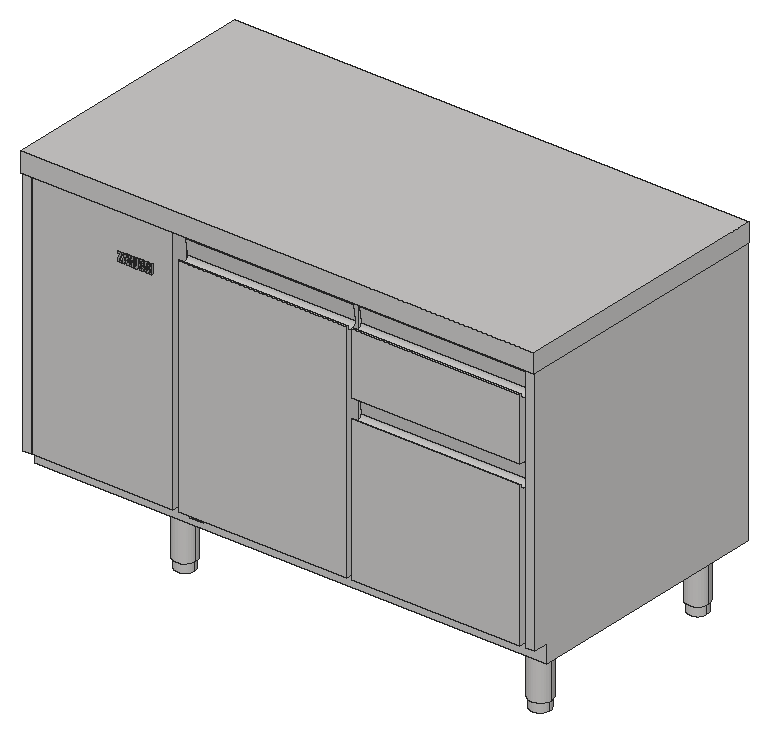
Revit family "QF_ZANUSSI_111029_ZH2HBAD", category Specialty Equipment, Revit 2018
Family settings
  Round Connector Dimension = Use Diameter
  Part Type = Normal
  Work Plane-Based = No
  Always vertical = Yes
  Cut with Voids When Loaded = No
  Shared = No
  Room Calculation Point = No
Parameters
  Weight = 0.00 kg
  Watts = 0.0232258 W
  Volts = 220 V
  URL Manufacturer = "http://www.zanussiprofessional.com/"
  URL = "http://www.zanussiprofessional.com/"
  Steam Supply Size = 0 mm
  Steam Supply Minimum Pressure = 0.0 Pa
  Steam Supply Maximum Pressure = 0.0 Pa
  Steam Pounds per Hour = 0
  Show Logo [instance] = yes
  Show Clearance [instance] = yes
  Refrigeration Suction Line Size = 0 mm
  Refrigeration Liquid Line Size = 0 mm
  Refrigerant Compressor Remote = yes
  Manufacturer = "Zanussi"
  Phase = 1
  Model = "ZH2HBAD"
  Length Actual = 1345 mm  # constant formula
  Item Number = "111029"
  Hot Water Size = 0 mm
  Height Actual = 900 mm  # constant formula
  HP = "0.3 HP"
  Gas Size = 0 mm
  Gas KW = 0
  Gas Input Pressure = 0 W
  Description = "1DOOR+1/3+2/3DRAWERS REFR.TABLE 290L"
  Depth Actual = 700 mm  # constant formula
  Cycle = 50 Hz
  Condensate Return Size = 0 mm
  Compressed Air Volume = 0.0 L/s
  Compressed Air Size = 0 mm
  Compressed Air Pressure = 0.0 Pa
  Cold Water Size = 0 mm
  Accessory = yes
Reference planes
  plane 1 "Center X": y = 182.5
  plane 2: z = 0
  plane 3 "Center Y": x = -126.5
  plane 4: y = -62.5
  plane 5: y = 451.5
  plane 6 "BACK": y = 532.5
  plane 7 "FRONT": y = -167.5
  plane 8: x = -452
  plane 9: x = 478
  plane 10: z = 150
  plane 11 "TOP": z = 900
  plane 12: z = 850
  plane 13 "LEFT": x = -797
  plane 14 "RIGHT": x = 544
  plane 15: x = -799
  plane 16: x = 546
Forms (mm)
  Extrusion 1, solid, material "QF_Finishes_Stainless Steel"
    sketch origin (-126.5, 2, 0) x (0, 1, 0) y (0, 0, 1)
      loop
        line (530.5, 150) -> (530.5, 850) -> (-124.5, 850) -> (-124.5, 150) -> (530.5, 150)
    from -670.5 to 670.5
  Extrusion 2, solid, material "QF_Finishes_Stainless Steel"
    sketch origin (-1022.223, -1524, 150) x (-1, 0, 0) y (0, -1, 0)
      loop
        line (-225.223, -1361.5) -> (-250.223, -1361.5) -> (-250.223, -1401.5) -> (-225.223, -1401.5) -> (-225.223, -1361.5)
      loop
        line (-1566.223, -1401.5) -> (-1541.223, -1401.5) -> (-1541.223, -1361.5) -> (-1566.223, -1361.5) -> (-1566.223, -1401.5)
    from 47 to 700
  Extrusion 3, solid, material "QF_Finishes_Stainless Steel"
    sketch origin (0, 0, 900) x (-1, 0, 0) y (0, -1, 0)
      loop
        circle (-57, -94.5) r 8.45
    from -790.577 to -750
  Extrusion 4, solid, material "QF_Finishes_Stainless Steel"
    sketch origin (0, 0, 0) x (1, 0, 0) y (0, 1, 0)
      loop
        circle (-713, 451.5) r 4
    from 109.423 to 150
  Extrusion 5, solid, material "QF_Finishes_Stainless Steel"
    sketch origin (-126.5, 0, 0) x (0, 1, 0) y (0, 0, 1)
      loop
        line (-167.5, 900) -> (-167.5, 850) -> (532.5, 850) -> (532.5, 900) -> (-167.5, 900)
    from 672.5 to -672.5
Cuts and joins
  joined: Extrusion 1, Extrusion 2
Lines and regions (mm)
  symbolic lines, style "SpecialityEquipmentHiddenLines"
    curve 1: line (-799, -122.5, 900) -> (546, -122.5, 900)
    curve 2: line (-396, -167.5, 900) -> (-396, -122.5, 900)
  symbolic lines, style "SpecialityEquipment"
    curve 3: line (-799, 532.5, 900) -> (546, 532.5, 900)
    curve 4: line (-799, 532.5, 900) -> (-799, -167.5, 900)
    curve 5: line (-799, -167.5, 900) -> (546, -167.5, 900)
    curve 6: line (546, -167.5, 900) -> (546, 532.5, 900)
Dimensions and locks
  locked: plane 6 "BACK" to plane 7 "FRONT" at 700
  equal spacing: plane 6 "BACK", plane 1 "Center X", plane 7 "FRONT"
  locked: plane 6 "BACK" to plane 5 at 81
  plane 10 to level = 150 mm
  plane 11 "TOP" to plane 12 to plane 10 = 50 mm locked, 700 mm locked
  locked: Extrusion 2 sketch curve to Extrusion 2 sketch curve at 25  (x2)
  locked: plane 4 to plane 7 "FRONT" at 105
  locked: plane 6 "BACK" to Extrusion 3 sketch curve at 438
  equal spacing: plane 13 "LEFT", plane 3 "Center Y", plane 14 "RIGHT"
  plane 15 to plane 16 = 1345 mm
  locked: plane 13 "LEFT" to plane 8 at 345
  locked: plane 9 to plane 14 "RIGHT" at 66
  locked: Extrusion 3 sketch curve to plane 14 "RIGHT" at 487
  plane 13 "LEFT" to Extrusion 4 sketch curve = 84 mm
  locked: plane 6 "BACK" to Extrusion 4 sketch curve at 81
  locked: plane 10 to Extrusion 4 at 40.577
  aligned and locked: level to plane 2
  aligned and locked: plane 10 to Extrusion 3
  aligned and locked: nested 4 to plane 4
  aligned and locked: nested 1 to plane 4
  aligned and locked: nested 3 to plane 5
  aligned and locked: nested 2 to plane 5
  aligned and locked: plane 8 to nested 1
  aligned and locked: plane 8 to nested 2
  aligned and locked: plane 9 to nested 4
  aligned and locked: plane 9 to nested 3
  aligned and locked: Extrusion 1 to Extrusion 2
  aligned and locked: Extrusion 2 to Extrusion 1
  aligned and locked: Extrusion 2 sketch curve to plane 14 "RIGHT"
  aligned and locked: plane 13 "LEFT" to Extrusion 2 sketch curve
  aligned and locked: cut or joined group of Extrusion 1, Extrusion 2 to plane 10
  aligned and locked: plane 12 to cut or joined group of Extrusion 1, Extrusion 2
  aligned and locked: plane 10 to Extrusion 4
  aligned and locked: Extrusion 5 sketch curve to plane 11 "TOP"
  aligned and locked: plane 7 "FRONT" to Extrusion 5 sketch curve
  aligned and locked: Extrusion 5 sketch curve to cut or joined group of Extrusion 1, Extrusion 2  (x2)
  aligned and locked: Extrusion 5 to curve 3
Automatic sketch dimensions
  plane 7 "FRONT" to Extrusion 2 sketch curve = 45 mm  (x2)
  plane 7 "FRONT" to Extrusion 2 sketch curve = 5 mm  (x2)
  curve 2 to plane 7 "FRONT" = 0 mm
  curve 5 to plane 15 = 0 mm
  curve 3 to plane 6 "BACK" = 0 mm
  plane 8 to curve 2 = 56 mm
  plane 7 "FRONT" to curve 1 = 45 mm
  Extrusion 1 sketch curve to plane 10 = 0 mm
  Extrusion 1 sketch curve to plane 12 = 0 mm
  Extrusion 1 sketch curve to plane 6 "BACK" = 0 mm
  plane 7 "FRONT" to Extrusion 1 sketch curve = 45 mm
  radius of Extrusion 3 sketch curve = 8.45 mm
  radius of Extrusion 4 sketch curve = 4 mm
Nested families
  nested 1: "Foot_Ø50_H150" at (-452, -62.5, 0), type "Foot_Ø50_H150"
  nested 2: "Foot_Ø50_H150" at (-452, 451.5, 0), type "Foot_Ø50_H150"
  nested 3: "Foot_Ø50_H150" at (478, 451.5, 0), type "Foot_Ø50_H150"
  nested 4: "Foot_Ø50_H150" at (478, -62.5, 0), type "Foot_Ø50_H150"
  nested 5: "1x1-3 1x2-3 Drawers" at (285, -164.5, 0), Show Clearance <- "Show Clearance", type "1x1-3 1x2-3 Drawers"
  nested 6: "Door" at (-169, -164.5, 0) x (-1, 0, 0) z (0, 0, 1), Show Clearance <- "Show Clearance", type "Door"
  nested 7: "Refrigerator" at (544, -167.5, 900), type "Refrigerator"
  nested 8: "ZAN_Cooling Unit" at (-587.5, -164.5, 0), Show Logo <- "Show Logo", type "ZAN_Cooling Unit"
Connectors
  electrical at (-713, 451.5, 109.423), driven by "Volts"
    settings: on Extrusion 4, index 4, voltage 220 V, apparent load 0 VA, apparent load phase1 0 VA, apparent load phase2 0 VA, apparent load phase3 0 VA, power factor 1, load classification "Altro", number of poles 1, system type 30, power factor state 1, is connector primary yes, connector utility no, sub classification motor no, connector description "Electrical Connection"
  piping at (57, 94.5, 109.423), diameter 17
    settings: on Extrusion 3, index 5, connector inside diameter 609.6 mm, connector length 0 mm, flow factor 0, pipe flow 0.0 L/s, pressure drop 0.0 Pa, fitting loss kfactor 0, connector angle 0.00°, fixture units 0, engagement length 0 mm, angle of deflection 0.00°, flow configuration 1, flow direction 2, fitting loss method 0, system type 16, joint type 0, gender type 0, connector reference index -1, connector utility 0, adjustable connector no, is connector primary yes, connector description "Drain"
Definition of nested family "Foot_Ø50_H150"
  Reference planes
    plane 1 "Centro (Fronte/Retro)": y = 0
    plane 2: z = 0
    plane 3 "Centro (Sinistra/Destra)": x = 0
    plane 4: z = 150
  Forms (mm)
    Revolve 1, solid
      sketch origin (255.05, 0, 608.09) x (0, 0, 1) y (-1, 0, 0)
        loop
          line (-608.09, 255.05) -> (-608.09, 230.05) -> (-583.09, 230.05) -> (-583.09, 226.05) -> (-458.09, 226.05) -> (-458.09, 255.05) -> (-608.09, 255.05)
        axis (-608.09, 255.05) -> (-458.09, 255.05)
      angle from 0 to 360
  Dimensions and locks
    locked: Revolve 1 sketch curve to Revolve 1 sketch curve at 125
    aligned and locked: level to plane 2
    aligned and locked: plane 4 to Revolve 1 sketch curve
    aligned and locked: Revolve 1 sketch curve to level
    aligned and locked: plane 3 "Centro (Sinistra/Destra)" to Revolve 1 sketch curve
Definition of nested family "1x1-3 1x2-3 Drawers"
  Parameters
    Show Clearance [instance] = yes
  Reference planes
    plane 1 "FRONT": y = -3
    plane 2: z = 0
    plane 3 "Centro (Sinistra/Destra)": x = 0
    plane 4: z = 150
    plane 5: z = 850
    plane 6: x = -234
    plane 7: x = 234
    plane 8: x = -220
    plane 9: x = 220
  Forms (mm)
    Extrusion 1, solid
      sketch origin (0, 55, 511) x (0, 0, 1) y (0, -1, 0)
        loop
          line (314, 18) -> (314, 29) -> (274.395, 22.5)
          arc (274.395, 22.5) -> (260.395, 36.5) -> (274.395, 50.5) r 14
          line (274.395, 50.5) -> (274.395, 53) -> (111.333, 53) -> (111.333, 18) -> (314, 18)
        loop
          line (101.333, 29) -> (61.728, 22.5)
          arc (61.728, 22.5) -> (47.728, 36.5) -> (61.728, 50.5) r 14
          line (61.728, 50.5) -> (61.728, 53) -> (-314, 53) -> (-314, 18) -> (101.333, 18) -> (101.333, 29)
      from -220 to 220
    Extrusion 2, solid, visible <- "Show Clearance", detail levels coarse
      sketch origin (0, -462, 511) x (0, 0, 1) y (0, -1, 0)
        loop
          line (-314, 109) -> (-314, -464) -> (101.333, -464) -> (101.333, 109) -> (-314, 109)
        loop
          line (314, -464) -> (314, 109) -> (111.333, 109) -> (111.333, -464) -> (314, -464)
      from -220 to 220
  Lines and regions (mm)
    symbolic lines
      curve 1: line (-220, -208, 0) -> (-220, -243, 0)
      curve 2: line (220, -243, 0) -> (220, -208, 0)
      curve 3: line (-190, -3, 0) -> (-190, -48, 0)
      curve 4: line (220, -48, 0) -> (-220, -48, 0)
      curve 5: line (-220, -48, 0) -> (-220, -83, 0)
      curve 6: line (-220, -83, 0) -> (220, -83, 0)
      curve 7: line (220, -83, 0) -> (220, -48, 0)
      curve 8: line (190, -48, 0) -> (190, -3, 0)
      curve 9: line (-190, -83, 0) -> (-190, -208, 0)
      curve 10: line (190, -208, 0) -> (190, -83, 0)
      curve 11: line (220, -208, 0) -> (-220, -208, 0)
      curve 12: line (-220, -208, 0) -> (-220, -243, 0)
      curve 13: line (-220, -243, 0) -> (220, -243, 0)
      curve 14: line (220, -243, 0) -> (220, -208, 0)
  Dimensions and locks
    aligned and locked: level to plane 2
Definition of nested family "Door"
  Parameters
    Show Clearance [instance] = yes
  Reference planes
    plane 1 "FRONT": y = -3
    plane 2: z = 0
    plane 3 "Centro (Sinistra/Destra)": x = 0
    plane 4: z = 150
    plane 5: z = 850
    plane 6: x = -234
    plane 7: x = 234
    plane 8: x = -220
    plane 9: x = 220
  Forms (mm)
    Extrusion 1, solid
      sketch origin (0, 53, 511) x (0, 0, 1) y (0, -1, 0)
        loop
          line (-323.003, 28.5) -> (-316.501, 28.5) -> (-316.501, 31) -> (-325.503, 31) -> (-325.503, 13.5) -> (-345.503, 13.5) -> (-345.503, 11) -> (-323.003, 11) -> (-323.003, 23.259) -> (-323.003, 28.5)
        loop
          line (-314, 27) -> (-316.501, 27) -> (-316.501, 18.501) -> (-319.752, 18.501) -> (-319.752, 16) -> (-314, 16) -> (-314, 27)
        loop
          line (315.003, 27) -> (315.003, 13.948) -> (315.003, 11) -> (327.503, 11) -> (327.503, 13.5) -> (317.503, 13.5) -> (317.503, 27) -> (315.003, 27)
      from 185 to 220
    Extrusion 2, solid, visible <- "Show Clearance", detail levels coarse
      sketch origin (0, 53, 511) x (0, -1, 0) y (1, 0, 0)
        loop
          line (51, 220) -> (51, -220)
          arc (51, -220) -> (339.234, -79.44) -> (454, 220) r 437.168
          line (454, 220) -> (51, 220)
      from -314 to 314
    Extrusion 3, solid
      sketch origin (0, 55, 511) x (0, 0, 1) y (0, -1, 0)
        loop
          line (314, 18) -> (314, 29) -> (274.395, 22.5)
          arc (274.395, 22.5) -> (260.395, 36.5) -> (274.395, 50.5) r 14
          line (274.395, 50.5) -> (274.395, 53) -> (-314, 53) -> (-314, 18) -> (314, 18)
      from -220 to 220
  Lines and regions (mm)
    symbolic lines
      curve 1: line (220, -3, 0) -> (220, -401, 0)
      curve 2: line (220, -401, 0) -> (185, -401, 0)
      curve 3: line (185, -401, 0) -> (185, -3, 0)
      curve 4: arc (-219.722, -3, 0) -> (-89.51, -275.368, 0) -> (185, -401, 0) r 442.855
  Dimensions and locks
    aligned and locked: level to plane 2
Definition of nested family "ZAN_Cooling Unit"
  Parameters
    Show Logo [instance] = yes
  Reference planes
    plane 1 "FRONT": y = -3
    plane 2: z = 0
    plane 3 "Centro (Sinistra/Destra)": x = 0
    plane 4: z = 150
    plane 5: z = 850
    plane 6: x = -184.5
    plane 7: x = 184.5
  Forms (mm)
    Extrusion 1, solid
      sketch origin (0, 55, 511) x (0, 0, 1) y (0, -1, 0)
        loop
          line (-314, 53) -> (-314, 13) -> (339, 13) -> (339, 53) -> (-314, 53)
      from -184.5 to 184.5
  Lines and regions (mm)
    Split face 1
      outline origin (0, 2, 197) x (0, 0, 1) y (-1, 0, 0)
        loop
          line (566.835, 184.5) -> (566.835, -184.5)
        loop
          line (521.835, 184.5) -> (521.835, -184.5)
    Split face 2
      outline origin (0, 2, 197) x (0, 0, 1) y (-1, 0, 0)
        loop
          arc (510.649, 158.547) -> (506.648, 162.548) -> (502.647, 158.547) r 4.001
          line (502.647, 158.547) -> (502.647, 116.535)
          arc (502.647, 116.535) -> (506.648, 112.533) -> (510.649, 116.535) r 4.001
          line (510.649, 116.535) -> (510.649, 158.547)
    Split face 3
      outline origin (0, 2, 184.996) x (0, 0, 1) y (-1, 0, 0)
        loop
          arc (510.649, 158.547) -> (506.648, 162.548) -> (502.647, 158.547) r 4.001
          line (502.647, 158.547) -> (502.647, 116.535)
          arc (502.647, 116.535) -> (506.648, 112.533) -> (510.649, 116.535) r 4.001
          line (510.649, 116.535) -> (510.649, 158.547)
    Split face 4
      outline origin (0, 2, 172.993) x (0, 0, 1) y (-1, 0, 0)
        loop
          arc (510.649, 158.547) -> (506.648, 162.548) -> (502.647, 158.547) r 4.001
          line (502.647, 158.547) -> (502.647, 116.535)
          arc (502.647, 116.535) -> (506.648, 112.533) -> (510.649, 116.535) r 4.001
          line (510.649, 116.535) -> (510.649, 158.547)
    Split face 5
      outline origin (0, 2, 160.989) x (0, 0, 1) y (-1, 0, 0)
        loop
          arc (510.649, 158.547) -> (506.648, 162.548) -> (502.647, 158.547) r 4.001
          line (502.647, 158.547) -> (502.647, 116.535)
          arc (502.647, 116.535) -> (506.648, 112.533) -> (510.649, 116.535) r 4.001
          line (510.649, 116.535) -> (510.649, 158.547)
    Split face 6
      outline origin (0, 2, 148.986) x (0, 0, 1) y (-1, 0, 0)
        loop
          arc (510.649, 158.547) -> (506.648, 162.548) -> (502.647, 158.547) r 4.001
          line (502.647, 158.547) -> (502.647, 116.535)
          arc (502.647, 116.535) -> (506.648, 112.533) -> (510.649, 116.535) r 4.001
          line (510.649, 116.535) -> (510.649, 158.547)
    Split face 7
      outline origin (0, 2, 136.982) x (0, 0, 1) y (-1, 0, 0)
        loop
          arc (510.649, 158.547) -> (506.648, 162.548) -> (502.647, 158.547) r 4.001
          line (502.647, 158.547) -> (502.647, 116.535)
          arc (502.647, 116.535) -> (506.648, 112.533) -> (510.649, 116.535) r 4.001
          line (510.649, 116.535) -> (510.649, 158.547)
    Split face 8
      outline origin (0, 2, 124.979) x (0, 0, 1) y (-1, 0, 0)
        loop
          arc (510.649, 158.547) -> (506.648, 162.548) -> (502.647, 158.547) r 4.001
          line (502.647, 158.547) -> (502.647, 116.535)
          arc (502.647, 116.535) -> (506.648, 112.533) -> (510.649, 116.535) r 4.001
          line (510.649, 116.535) -> (510.649, 158.547)
    Split face 9
      outline origin (0, 2, 112.975) x (0, 0, 1) y (-1, 0, 0)
        loop
          arc (510.649, 158.547) -> (506.648, 162.548) -> (502.647, 158.547) r 4.001
          line (502.647, 158.547) -> (502.647, 116.535)
          arc (502.647, 116.535) -> (506.648, 112.533) -> (510.649, 116.535) r 4.001
          line (510.649, 116.535) -> (510.649, 158.547)
    Split face 10
      outline origin (0, 2, 100.972) x (0, 0, 1) y (-1, 0, 0)
        loop
          arc (510.649, 158.547) -> (506.648, 162.548) -> (502.647, 158.547) r 4.001
          line (502.647, 158.547) -> (502.647, 116.535)
          arc (502.647, 116.535) -> (506.648, 112.533) -> (510.649, 116.535) r 4.001
          line (510.649, 116.535) -> (510.649, 158.547)
    Split face 11
      outline origin (0, 2, 88.968) x (0, 0, 1) y (-1, 0, 0)
        loop
          arc (510.649, 158.547) -> (506.648, 162.548) -> (502.647, 158.547) r 4.001
          line (502.647, 158.547) -> (502.647, 116.535)
          arc (502.647, 116.535) -> (506.648, 112.533) -> (510.649, 116.535) r 4.001
          line (510.649, 116.535) -> (510.649, 158.547)
    Split face 12
      outline origin (0, 2, 76.965) x (0, 0, 1) y (-1, 0, 0)
        loop
          arc (510.649, 158.547) -> (506.648, 162.548) -> (502.647, 158.547) r 4.001
          line (502.647, 158.547) -> (502.647, 116.535)
          arc (502.647, 116.535) -> (506.648, 112.533) -> (510.649, 116.535) r 4.001
          line (510.649, 116.535) -> (510.649, 158.547)
    Split face 13
      outline origin (0, 2, 64.961) x (0, 0, 1) y (-1, 0, 0)
        loop
          arc (510.649, 158.547) -> (506.648, 162.548) -> (502.647, 158.547) r 4.001
          line (502.647, 158.547) -> (502.647, 116.535)
          arc (502.647, 116.535) -> (506.648, 112.533) -> (510.649, 116.535) r 4.001
          line (510.649, 116.535) -> (510.649, 158.547)
    Split face 14
      outline origin (0, 2, 52.958) x (0, 0, 1) y (-1, 0, 0)
        loop
          arc (510.649, 158.547) -> (506.648, 162.548) -> (502.647, 158.547) r 4.001
          line (502.647, 158.547) -> (502.647, 116.535)
          arc (502.647, 116.535) -> (506.648, 112.533) -> (510.649, 116.535) r 4.001
          line (510.649, 116.535) -> (510.649, 158.547)
    Split face 15
      outline origin (0, 2, 40.954) x (0, 0, 1) y (-1, 0, 0)
        loop
          arc (510.649, 158.547) -> (506.648, 162.548) -> (502.647, 158.547) r 4.001
          line (502.647, 158.547) -> (502.647, 116.535)
          arc (502.647, 116.535) -> (506.648, 112.533) -> (510.649, 116.535) r 4.001
          line (510.649, 116.535) -> (510.649, 158.547)
    Split face 16
      outline origin (0, 2, 28.951) x (0, 0, 1) y (-1, 0, 0)
        loop
          arc (510.649, 158.547) -> (506.648, 162.548) -> (502.647, 158.547) r 4.001
          line (502.647, 158.547) -> (502.647, 116.535)
          arc (502.647, 116.535) -> (506.648, 112.533) -> (510.649, 116.535) r 4.001
          line (510.649, 116.535) -> (510.649, 158.547)
    Split face 17
      outline origin (0, 2, 16.947) x (0, 0, 1) y (-1, 0, 0)
        loop
          arc (510.649, 158.547) -> (506.648, 162.548) -> (502.647, 158.547) r 4.001
          line (502.647, 158.547) -> (502.647, 116.535)
          arc (502.647, 116.535) -> (506.648, 112.533) -> (510.649, 116.535) r 4.001
          line (510.649, 116.535) -> (510.649, 158.547)
    Split face 18
      outline origin (55.016, 2, 197) x (0, 0, 1) y (-1, 0, 0)
        loop
          arc (510.649, 158.547) -> (506.648, 162.548) -> (502.647, 158.547) r 4.001
          line (502.647, 158.547) -> (502.647, 116.535)
          arc (502.647, 116.535) -> (506.648, 112.533) -> (510.649, 116.535) r 4.001
          line (510.649, 116.535) -> (510.649, 158.547)
    Split face 19
      outline origin (55.016, 2, 184.996) x (0, 0, 1) y (-1, 0, 0)
        loop
          arc (510.649, 158.547) -> (506.648, 162.548) -> (502.647, 158.547) r 4.001
          line (502.647, 158.547) -> (502.647, 116.535)
          arc (502.647, 116.535) -> (506.648, 112.533) -> (510.649, 116.535) r 4.001
          line (510.649, 116.535) -> (510.649, 158.547)
    Split face 20
      outline origin (55.016, 2, 172.993) x (0, 0, 1) y (-1, 0, 0)
        loop
          arc (510.649, 158.547) -> (506.648, 162.548) -> (502.647, 158.547) r 4.001
          line (502.647, 158.547) -> (502.647, 116.535)
          arc (502.647, 116.535) -> (506.648, 112.533) -> (510.649, 116.535) r 4.001
          line (510.649, 116.535) -> (510.649, 158.547)
    Split face 21
      outline origin (55.016, 2, 160.989) x (0, 0, 1) y (-1, 0, 0)
        loop
          arc (510.649, 158.547) -> (506.648, 162.548) -> (502.647, 158.547) r 4.001
          line (502.647, 158.547) -> (502.647, 116.535)
          arc (502.647, 116.535) -> (506.648, 112.533) -> (510.649, 116.535) r 4.001
          line (510.649, 116.535) -> (510.649, 158.547)
    Split face 22
      outline origin (55.016, 2, 148.986) x (0, 0, 1) y (-1, 0, 0)
        loop
          arc (510.649, 158.547) -> (506.648, 162.548) -> (502.647, 158.547) r 4.001
          line (502.647, 158.547) -> (502.647, 116.535)
          arc (502.647, 116.535) -> (506.648, 112.533) -> (510.649, 116.535) r 4.001
          line (510.649, 116.535) -> (510.649, 158.547)
    Split face 23
      outline origin (55.016, 2, 136.982) x (0, 0, 1) y (-1, 0, 0)
        loop
          arc (510.649, 158.547) -> (506.648, 162.548) -> (502.647, 158.547) r 4.001
          line (502.647, 158.547) -> (502.647, 116.535)
          arc (502.647, 116.535) -> (506.648, 112.533) -> (510.649, 116.535) r 4.001
          line (510.649, 116.535) -> (510.649, 158.547)
    Split face 24
      outline origin (55.016, 2, 124.979) x (0, 0, 1) y (-1, 0, 0)
        loop
          arc (510.649, 158.547) -> (506.648, 162.548) -> (502.647, 158.547) r 4.001
          line (502.647, 158.547) -> (502.647, 116.535)
          arc (502.647, 116.535) -> (506.648, 112.533) -> (510.649, 116.535) r 4.001
          line (510.649, 116.535) -> (510.649, 158.547)
    Split face 25
      outline origin (55.016, 2, 112.975) x (0, 0, 1) y (-1, 0, 0)
        loop
          arc (510.649, 158.547) -> (506.648, 162.548) -> (502.647, 158.547) r 4.001
          line (502.647, 158.547) -> (502.647, 116.535)
          arc (502.647, 116.535) -> (506.648, 112.533) -> (510.649, 116.535) r 4.001
          line (510.649, 116.535) -> (510.649, 158.547)
    Split face 26
      outline origin (55.016, 2, 100.972) x (0, 0, 1) y (-1, 0, 0)
        loop
          arc (510.649, 158.547) -> (506.648, 162.548) -> (502.647, 158.547) r 4.001
          line (502.647, 158.547) -> (502.647, 116.535)
          arc (502.647, 116.535) -> (506.648, 112.533) -> (510.649, 116.535) r 4.001
          line (510.649, 116.535) -> (510.649, 158.547)
    Split face 27
      outline origin (55.016, 2, 88.968) x (0, 0, 1) y (-1, 0, 0)
        loop
          arc (510.649, 158.547) -> (506.648, 162.548) -> (502.647, 158.547) r 4.001
          line (502.647, 158.547) -> (502.647, 116.535)
          arc (502.647, 116.535) -> (506.648, 112.533) -> (510.649, 116.535) r 4.001
          line (510.649, 116.535) -> (510.649, 158.547)
    Split face 28
      outline origin (55.016, 2, 76.965) x (0, 0, 1) y (-1, 0, 0)
        loop
          arc (510.649, 158.547) -> (506.648, 162.548) -> (502.647, 158.547) r 4.001
          line (502.647, 158.547) -> (502.647, 116.535)
          arc (502.647, 116.535) -> (506.648, 112.533) -> (510.649, 116.535) r 4.001
          line (510.649, 116.535) -> (510.649, 158.547)
    Split face 29
      outline origin (55.016, 2, 64.961) x (0, 0, 1) y (-1, 0, 0)
        loop
          arc (510.649, 158.547) -> (506.648, 162.548) -> (502.647, 158.547) r 4.001
          line (502.647, 158.547) -> (502.647, 116.535)
          arc (502.647, 116.535) -> (506.648, 112.533) -> (510.649, 116.535) r 4.001
          line (510.649, 116.535) -> (510.649, 158.547)
    Split face 30
      outline origin (55.016, 2, 52.958) x (0, 0, 1) y (-1, 0, 0)
        loop
          arc (510.649, 158.547) -> (506.648, 162.548) -> (502.647, 158.547) r 4.001
          line (502.647, 158.547) -> (502.647, 116.535)
          arc (502.647, 116.535) -> (506.648, 112.533) -> (510.649, 116.535) r 4.001
          line (510.649, 116.535) -> (510.649, 158.547)
    Split face 31
      outline origin (55.016, 2, 40.954) x (0, 0, 1) y (-1, 0, 0)
        loop
          arc (510.649, 158.547) -> (506.648, 162.548) -> (502.647, 158.547) r 4.001
          line (502.647, 158.547) -> (502.647, 116.535)
          arc (502.647, 116.535) -> (506.648, 112.533) -> (510.649, 116.535) r 4.001
          line (510.649, 116.535) -> (510.649, 158.547)
    Split face 32
      outline origin (55.016, 2, 28.951) x (0, 0, 1) y (-1, 0, 0)
        loop
          arc (510.649, 158.547) -> (506.648, 162.548) -> (502.647, 158.547) r 4.001
          line (502.647, 158.547) -> (502.647, 116.535)
          arc (502.647, 116.535) -> (506.648, 112.533) -> (510.649, 116.535) r 4.001
          line (510.649, 116.535) -> (510.649, 158.547)
    Split face 33
      outline origin (55.016, 2, 16.947) x (0, 0, 1) y (-1, 0, 0)
        loop
          arc (510.649, 158.547) -> (506.648, 162.548) -> (502.647, 158.547) r 4.001
          line (502.647, 158.547) -> (502.647, 116.535)
          arc (502.647, 116.535) -> (506.648, 112.533) -> (510.649, 116.535) r 4.001
          line (510.649, 116.535) -> (510.649, 158.547)
    Split face 34
      outline origin (110.032, 2, 197) x (0, 0, 1) y (-1, 0, 0)
        loop
          arc (510.649, 158.547) -> (506.648, 162.548) -> (502.647, 158.547) r 4.001
          line (502.647, 158.547) -> (502.647, 116.535)
          arc (502.647, 116.535) -> (506.648, 112.533) -> (510.649, 116.535) r 4.001
          line (510.649, 116.535) -> (510.649, 158.547)
    Split face 35
      outline origin (110.032, 2, 184.996) x (0, 0, 1) y (-1, 0, 0)
        loop
          arc (510.649, 158.547) -> (506.648, 162.548) -> (502.647, 158.547) r 4.001
          line (502.647, 158.547) -> (502.647, 116.535)
          arc (502.647, 116.535) -> (506.648, 112.533) -> (510.649, 116.535) r 4.001
          line (510.649, 116.535) -> (510.649, 158.547)
    Split face 36
      outline origin (110.032, 2, 172.993) x (0, 0, 1) y (-1, 0, 0)
        loop
          arc (510.649, 158.547) -> (506.648, 162.548) -> (502.647, 158.547) r 4.001
          line (502.647, 158.547) -> (502.647, 116.535)
          arc (502.647, 116.535) -> (506.648, 112.533) -> (510.649, 116.535) r 4.001
          line (510.649, 116.535) -> (510.649, 158.547)
    Split face 37
      outline origin (110.032, 2, 160.989) x (0, 0, 1) y (-1, 0, 0)
        loop
          arc (510.649, 158.547) -> (506.648, 162.548) -> (502.647, 158.547) r 4.001
          line (502.647, 158.547) -> (502.647, 116.535)
          arc (502.647, 116.535) -> (506.648, 112.533) -> (510.649, 116.535) r 4.001
          line (510.649, 116.535) -> (510.649, 158.547)
    Split face 38
      outline origin (110.032, 2, 148.986) x (0, 0, 1) y (-1, 0, 0)
        loop
          arc (510.649, 158.547) -> (506.648, 162.548) -> (502.647, 158.547) r 4.001
          line (502.647, 158.547) -> (502.647, 116.535)
          arc (502.647, 116.535) -> (506.648, 112.533) -> (510.649, 116.535) r 4.001
          line (510.649, 116.535) -> (510.649, 158.547)
    Split face 39
      outline origin (110.032, 2, 136.982) x (0, 0, 1) y (-1, 0, 0)
        loop
          arc (510.649, 158.547) -> (506.648, 162.548) -> (502.647, 158.547) r 4.001
          line (502.647, 158.547) -> (502.647, 116.535)
          arc (502.647, 116.535) -> (506.648, 112.533) -> (510.649, 116.535) r 4.001
          line (510.649, 116.535) -> (510.649, 158.547)
    Split face 40
      outline origin (110.032, 2, 124.979) x (0, 0, 1) y (-1, 0, 0)
        loop
          arc (510.649, 158.547) -> (506.648, 162.548) -> (502.647, 158.547) r 4.001
          line (502.647, 158.547) -> (502.647, 116.535)
          arc (502.647, 116.535) -> (506.648, 112.533) -> (510.649, 116.535) r 4.001
          line (510.649, 116.535) -> (510.649, 158.547)
    Split face 41
      outline origin (110.032, 2, 112.975) x (0, 0, 1) y (-1, 0, 0)
        loop
          arc (510.649, 158.547) -> (506.648, 162.548) -> (502.647, 158.547) r 4.001
          line (502.647, 158.547) -> (502.647, 116.535)
          arc (502.647, 116.535) -> (506.648, 112.533) -> (510.649, 116.535) r 4.001
          line (510.649, 116.535) -> (510.649, 158.547)
    Split face 42
      outline origin (110.032, 2, 100.972) x (0, 0, 1) y (-1, 0, 0)
        loop
          arc (510.649, 158.547) -> (506.648, 162.548) -> (502.647, 158.547) r 4.001
          line (502.647, 158.547) -> (502.647, 116.535)
          arc (502.647, 116.535) -> (506.648, 112.533) -> (510.649, 116.535) r 4.001
          line (510.649, 116.535) -> (510.649, 158.547)
    Split face 43
      outline origin (110.032, 2, 88.968) x (0, 0, 1) y (-1, 0, 0)
        loop
          arc (510.649, 158.547) -> (506.648, 162.548) -> (502.647, 158.547) r 4.001
          line (502.647, 158.547) -> (502.647, 116.535)
          arc (502.647, 116.535) -> (506.648, 112.533) -> (510.649, 116.535) r 4.001
          line (510.649, 116.535) -> (510.649, 158.547)
    Split face 44
      outline origin (110.032, 2, 76.965) x (0, 0, 1) y (-1, 0, 0)
        loop
          arc (510.649, 158.547) -> (506.648, 162.548) -> (502.647, 158.547) r 4.001
          line (502.647, 158.547) -> (502.647, 116.535)
          arc (502.647, 116.535) -> (506.648, 112.533) -> (510.649, 116.535) r 4.001
          line (510.649, 116.535) -> (510.649, 158.547)
    Split face 45
      outline origin (110.032, 2, 64.961) x (0, 0, 1) y (-1, 0, 0)
        loop
          arc (510.649, 158.547) -> (506.648, 162.548) -> (502.647, 158.547) r 4.001
          line (502.647, 158.547) -> (502.647, 116.535)
          arc (502.647, 116.535) -> (506.648, 112.533) -> (510.649, 116.535) r 4.001
          line (510.649, 116.535) -> (510.649, 158.547)
    Split face 46
      outline origin (110.032, 2, 52.958) x (0, 0, 1) y (-1, 0, 0)
        loop
          arc (510.649, 158.547) -> (506.648, 162.548) -> (502.647, 158.547) r 4.001
          line (502.647, 158.547) -> (502.647, 116.535)
          arc (502.647, 116.535) -> (506.648, 112.533) -> (510.649, 116.535) r 4.001
          line (510.649, 116.535) -> (510.649, 158.547)
    Split face 47
      outline origin (110.032, 2, 40.954) x (0, 0, 1) y (-1, 0, 0)
        loop
          arc (510.649, 158.547) -> (506.648, 162.548) -> (502.647, 158.547) r 4.001
          line (502.647, 158.547) -> (502.647, 116.535)
          arc (502.647, 116.535) -> (506.648, 112.533) -> (510.649, 116.535) r 4.001
          line (510.649, 116.535) -> (510.649, 158.547)
    Split face 48
      outline origin (110.032, 2, 28.951) x (0, 0, 1) y (-1, 0, 0)
        loop
          arc (510.649, 158.547) -> (506.648, 162.548) -> (502.647, 158.547) r 4.001
          line (502.647, 158.547) -> (502.647, 116.535)
          arc (502.647, 116.535) -> (506.648, 112.533) -> (510.649, 116.535) r 4.001
          line (510.649, 116.535) -> (510.649, 158.547)
    Split face 49
      outline origin (110.032, 2, 16.947) x (0, 0, 1) y (-1, 0, 0)
        loop
          arc (510.649, 158.547) -> (506.648, 162.548) -> (502.647, 158.547) r 4.001
          line (502.647, 158.547) -> (502.647, 116.535)
          arc (502.647, 116.535) -> (506.648, 112.533) -> (510.649, 116.535) r 4.001
          line (510.649, 116.535) -> (510.649, 158.547)
    Split face 50
      outline origin (165.048, 2, 197) x (0, 0, 1) y (-1, 0, 0)
        loop
          arc (510.649, 158.547) -> (506.648, 162.548) -> (502.647, 158.547) r 4.001
          line (502.647, 158.547) -> (502.647, 116.535)
          arc (502.647, 116.535) -> (506.648, 112.533) -> (510.649, 116.535) r 4.001
          line (510.649, 116.535) -> (510.649, 158.547)
    Split face 51
      outline origin (165.048, 2, 184.996) x (0, 0, 1) y (-1, 0, 0)
        loop
          arc (510.649, 158.547) -> (506.648, 162.548) -> (502.647, 158.547) r 4.001
          line (502.647, 158.547) -> (502.647, 116.535)
          arc (502.647, 116.535) -> (506.648, 112.533) -> (510.649, 116.535) r 4.001
          line (510.649, 116.535) -> (510.649, 158.547)
    Split face 52
      outline origin (165.048, 2, 172.993) x (0, 0, 1) y (-1, 0, 0)
        loop
          arc (510.649, 158.547) -> (506.648, 162.548) -> (502.647, 158.547) r 4.001
          line (502.647, 158.547) -> (502.647, 116.535)
          arc (502.647, 116.535) -> (506.648, 112.533) -> (510.649, 116.535) r 4.001
          line (510.649, 116.535) -> (510.649, 158.547)
    Split face 53
      outline origin (165.048, 2, 160.989) x (0, 0, 1) y (-1, 0, 0)
        loop
          arc (510.649, 158.547) -> (506.648, 162.548) -> (502.647, 158.547) r 4.001
          line (502.647, 158.547) -> (502.647, 116.535)
          arc (502.647, 116.535) -> (506.648, 112.533) -> (510.649, 116.535) r 4.001
          line (510.649, 116.535) -> (510.649, 158.547)
    Split face 54
      outline origin (165.048, 2, 148.986) x (0, 0, 1) y (-1, 0, 0)
        loop
          arc (510.649, 158.547) -> (506.648, 162.548) -> (502.647, 158.547) r 4.001
          line (502.647, 158.547) -> (502.647, 116.535)
          arc (502.647, 116.535) -> (506.648, 112.533) -> (510.649, 116.535) r 4.001
          line (510.649, 116.535) -> (510.649, 158.547)
    Split face 55
      outline origin (165.048, 2, 136.982) x (0, 0, 1) y (-1, 0, 0)
        loop
          arc (510.649, 158.547) -> (506.648, 162.548) -> (502.647, 158.547) r 4.001
          line (502.647, 158.547) -> (502.647, 116.535)
          arc (502.647, 116.535) -> (506.648, 112.533) -> (510.649, 116.535) r 4.001
          line (510.649, 116.535) -> (510.649, 158.547)
    Split face 56
      outline origin (165.048, 2, 124.979) x (0, 0, 1) y (-1, 0, 0)
        loop
          arc (510.649, 158.547) -> (506.648, 162.548) -> (502.647, 158.547) r 4.001
          line (502.647, 158.547) -> (502.647, 116.535)
          arc (502.647, 116.535) -> (506.648, 112.533) -> (510.649, 116.535) r 4.001
          line (510.649, 116.535) -> (510.649, 158.547)
    Split face 57
      outline origin (165.048, 2, 112.975) x (0, 0, 1) y (-1, 0, 0)
        loop
          arc (510.649, 158.547) -> (506.648, 162.548) -> (502.647, 158.547) r 4.001
          line (502.647, 158.547) -> (502.647, 116.535)
          arc (502.647, 116.535) -> (506.648, 112.533) -> (510.649, 116.535) r 4.001
          line (510.649, 116.535) -> (510.649, 158.547)
    Split face 58
      outline origin (165.048, 2, 100.972) x (0, 0, 1) y (-1, 0, 0)
        loop
          arc (510.649, 158.547) -> (506.648, 162.548) -> (502.647, 158.547) r 4.001
          line (502.647, 158.547) -> (502.647, 116.535)
          arc (502.647, 116.535) -> (506.648, 112.533) -> (510.649, 116.535) r 4.001
          line (510.649, 116.535) -> (510.649, 158.547)
    Split face 59
      outline origin (165.048, 2, 88.968) x (0, 0, 1) y (-1, 0, 0)
        loop
          arc (510.649, 158.547) -> (506.648, 162.548) -> (502.647, 158.547) r 4.001
          line (502.647, 158.547) -> (502.647, 116.535)
          arc (502.647, 116.535) -> (506.648, 112.533) -> (510.649, 116.535) r 4.001
          line (510.649, 116.535) -> (510.649, 158.547)
    Split face 60
      outline origin (165.048, 2, 76.965) x (0, 0, 1) y (-1, 0, 0)
        loop
          arc (510.649, 158.547) -> (506.648, 162.548) -> (502.647, 158.547) r 4.001
          line (502.647, 158.547) -> (502.647, 116.535)
          arc (502.647, 116.535) -> (506.648, 112.533) -> (510.649, 116.535) r 4.001
          line (510.649, 116.535) -> (510.649, 158.547)
    Split face 61
      outline origin (165.048, 2, 64.961) x (0, 0, 1) y (-1, 0, 0)
        loop
          arc (510.649, 158.547) -> (506.648, 162.548) -> (502.647, 158.547) r 4.001
          line (502.647, 158.547) -> (502.647, 116.535)
          arc (502.647, 116.535) -> (506.648, 112.533) -> (510.649, 116.535) r 4.001
          line (510.649, 116.535) -> (510.649, 158.547)
    Split face 62
      outline origin (165.048, 2, 52.958) x (0, 0, 1) y (-1, 0, 0)
        loop
          arc (510.649, 158.547) -> (506.648, 162.548) -> (502.647, 158.547) r 4.001
          line (502.647, 158.547) -> (502.647, 116.535)
          arc (502.647, 116.535) -> (506.648, 112.533) -> (510.649, 116.535) r 4.001
          line (510.649, 116.535) -> (510.649, 158.547)
    Split face 63
      outline origin (165.048, 2, 40.954) x (0, 0, 1) y (-1, 0, 0)
        loop
          arc (510.649, 158.547) -> (506.648, 162.548) -> (502.647, 158.547) r 4.001
          line (502.647, 158.547) -> (502.647, 116.535)
          arc (502.647, 116.535) -> (506.648, 112.533) -> (510.649, 116.535) r 4.001
          line (510.649, 116.535) -> (510.649, 158.547)
    Split face 64
      outline origin (165.048, 2, 28.951) x (0, 0, 1) y (-1, 0, 0)
        loop
          arc (510.649, 158.547) -> (506.648, 162.548) -> (502.647, 158.547) r 4.001
          line (502.647, 158.547) -> (502.647, 116.535)
          arc (502.647, 116.535) -> (506.648, 112.533) -> (510.649, 116.535) r 4.001
          line (510.649, 116.535) -> (510.649, 158.547)
    Split face 65
      outline origin (165.048, 2, 16.947) x (0, 0, 1) y (-1, 0, 0)
        loop
          arc (510.649, 158.547) -> (506.648, 162.548) -> (502.647, 158.547) r 4.001
          line (502.647, 158.547) -> (502.647, 116.535)
          arc (502.647, 116.535) -> (506.648, 112.533) -> (510.649, 116.535) r 4.001
          line (510.649, 116.535) -> (510.649, 158.547)
    Split face 66
      outline origin (220.064, 2, 197) x (0, 0, 1) y (-1, 0, 0)
        loop
          arc (510.649, 158.547) -> (506.648, 162.548) -> (502.647, 158.547) r 4.001
          line (502.647, 158.547) -> (502.647, 116.535)
          arc (502.647, 116.535) -> (506.648, 112.533) -> (510.649, 116.535) r 4.001
          line (510.649, 116.535) -> (510.649, 158.547)
    Split face 67
      outline origin (220.064, 2, 184.996) x (0, 0, 1) y (-1, 0, 0)
        loop
          arc (510.649, 158.547) -> (506.648, 162.548) -> (502.647, 158.547) r 4.001
          line (502.647, 158.547) -> (502.647, 116.535)
          arc (502.647, 116.535) -> (506.648, 112.533) -> (510.649, 116.535) r 4.001
          line (510.649, 116.535) -> (510.649, 158.547)
    Split face 68
      outline origin (220.064, 2, 172.993) x (0, 0, 1) y (-1, 0, 0)
        loop
          arc (510.649, 158.547) -> (506.648, 162.548) -> (502.647, 158.547) r 4.001
          line (502.647, 158.547) -> (502.647, 116.535)
          arc (502.647, 116.535) -> (506.648, 112.533) -> (510.649, 116.535) r 4.001
          line (510.649, 116.535) -> (510.649, 158.547)
    Split face 69
      outline origin (220.064, 2, 160.989) x (0, 0, 1) y (-1, 0, 0)
        loop
          arc (510.649, 158.547) -> (506.648, 162.548) -> (502.647, 158.547) r 4.001
          line (502.647, 158.547) -> (502.647, 116.535)
          arc (502.647, 116.535) -> (506.648, 112.533) -> (510.649, 116.535) r 4.001
          line (510.649, 116.535) -> (510.649, 158.547)
    Split face 70
      outline origin (220.064, 2, 148.986) x (0, 0, 1) y (-1, 0, 0)
        loop
          arc (510.649, 158.547) -> (506.648, 162.548) -> (502.647, 158.547) r 4.001
          line (502.647, 158.547) -> (502.647, 116.535)
          arc (502.647, 116.535) -> (506.648, 112.533) -> (510.649, 116.535) r 4.001
          line (510.649, 116.535) -> (510.649, 158.547)
    Split face 71
      outline origin (220.064, 2, 136.982) x (0, 0, 1) y (-1, 0, 0)
        loop
          arc (510.649, 158.547) -> (506.648, 162.548) -> (502.647, 158.547) r 4.001
          line (502.647, 158.547) -> (502.647, 116.535)
          arc (502.647, 116.535) -> (506.648, 112.533) -> (510.649, 116.535) r 4.001
          line (510.649, 116.535) -> (510.649, 158.547)
    Split face 72
      outline origin (220.064, 2, 124.979) x (0, 0, 1) y (-1, 0, 0)
        loop
          arc (510.649, 158.547) -> (506.648, 162.548) -> (502.647, 158.547) r 4.001
          line (502.647, 158.547) -> (502.647, 116.535)
          arc (502.647, 116.535) -> (506.648, 112.533) -> (510.649, 116.535) r 4.001
          line (510.649, 116.535) -> (510.649, 158.547)
    Split face 73
      outline origin (220.064, 2, 112.975) x (0, 0, 1) y (-1, 0, 0)
        loop
          arc (510.649, 158.547) -> (506.648, 162.548) -> (502.647, 158.547) r 4.001
          line (502.647, 158.547) -> (502.647, 116.535)
          arc (502.647, 116.535) -> (506.648, 112.533) -> (510.649, 116.535) r 4.001
          line (510.649, 116.535) -> (510.649, 158.547)
    Split face 74
      outline origin (220.064, 2, 100.972) x (0, 0, 1) y (-1, 0, 0)
        loop
          arc (510.649, 158.547) -> (506.648, 162.548) -> (502.647, 158.547) r 4.001
          line (502.647, 158.547) -> (502.647, 116.535)
          arc (502.647, 116.535) -> (506.648, 112.533) -> (510.649, 116.535) r 4.001
          line (510.649, 116.535) -> (510.649, 158.547)
    Split face 75
      outline origin (220.064, 2, 88.968) x (0, 0, 1) y (-1, 0, 0)
        loop
          arc (510.649, 158.547) -> (506.648, 162.548) -> (502.647, 158.547) r 4.001
          line (502.647, 158.547) -> (502.647, 116.535)
          arc (502.647, 116.535) -> (506.648, 112.533) -> (510.649, 116.535) r 4.001
          line (510.649, 116.535) -> (510.649, 158.547)
    Split face 76
      outline origin (220.064, 2, 76.965) x (0, 0, 1) y (-1, 0, 0)
        loop
          arc (510.649, 158.547) -> (506.648, 162.548) -> (502.647, 158.547) r 4.001
          line (502.647, 158.547) -> (502.647, 116.535)
          arc (502.647, 116.535) -> (506.648, 112.533) -> (510.649, 116.535) r 4.001
          line (510.649, 116.535) -> (510.649, 158.547)
    Split face 77
      outline origin (220.064, 2, 64.961) x (0, 0, 1) y (-1, 0, 0)
        loop
          arc (510.649, 158.547) -> (506.648, 162.548) -> (502.647, 158.547) r 4.001
          line (502.647, 158.547) -> (502.647, 116.535)
          arc (502.647, 116.535) -> (506.648, 112.533) -> (510.649, 116.535) r 4.001
          line (510.649, 116.535) -> (510.649, 158.547)
    Split face 78
      outline origin (220.064, 2, 52.958) x (0, 0, 1) y (-1, 0, 0)
        loop
          arc (510.649, 158.547) -> (506.648, 162.548) -> (502.647, 158.547) r 4.001
          line (502.647, 158.547) -> (502.647, 116.535)
          arc (502.647, 116.535) -> (506.648, 112.533) -> (510.649, 116.535) r 4.001
          line (510.649, 116.535) -> (510.649, 158.547)
    Split face 79
      outline origin (220.064, 2, 40.954) x (0, 0, 1) y (-1, 0, 0)
        loop
          arc (510.649, 158.547) -> (506.648, 162.548) -> (502.647, 158.547) r 4.001
          line (502.647, 158.547) -> (502.647, 116.535)
          arc (502.647, 116.535) -> (506.648, 112.533) -> (510.649, 116.535) r 4.001
          line (510.649, 116.535) -> (510.649, 158.547)
    Split face 80
      outline origin (220.064, 2, 28.951) x (0, 0, 1) y (-1, 0, 0)
        loop
          arc (510.649, 158.547) -> (506.648, 162.548) -> (502.647, 158.547) r 4.001
          line (502.647, 158.547) -> (502.647, 116.535)
          arc (502.647, 116.535) -> (506.648, 112.533) -> (510.649, 116.535) r 4.001
          line (510.649, 116.535) -> (510.649, 158.547)
    Split face 81
      outline origin (220.064, 2, 16.947) x (0, 0, 1) y (-1, 0, 0)
        loop
          arc (510.649, 158.547) -> (506.648, 162.548) -> (502.647, 158.547) r 4.001
          line (502.647, 158.547) -> (502.647, 116.535)
          arc (502.647, 116.535) -> (506.648, 112.533) -> (510.649, 116.535) r 4.001
          line (510.649, 116.535) -> (510.649, 158.547)
    Split face 82
      outline origin (275.081, 2, 197) x (0, 0, 1) y (-1, 0, 0)
        loop
          arc (510.649, 158.547) -> (506.648, 162.548) -> (502.647, 158.547) r 4.001
          line (502.647, 158.547) -> (502.647, 116.535)
          arc (502.647, 116.535) -> (506.648, 112.533) -> (510.649, 116.535) r 4.001
          line (510.649, 116.535) -> (510.649, 158.547)
    Split face 83
      outline origin (275.081, 2, 184.996) x (0, 0, 1) y (-1, 0, 0)
        loop
          arc (510.649, 158.547) -> (506.648, 162.548) -> (502.647, 158.547) r 4.001
          line (502.647, 158.547) -> (502.647, 116.535)
          arc (502.647, 116.535) -> (506.648, 112.533) -> (510.649, 116.535) r 4.001
          line (510.649, 116.535) -> (510.649, 158.547)
    Split face 84
      outline origin (275.081, 2, 172.993) x (0, 0, 1) y (-1, 0, 0)
        loop
          arc (510.649, 158.547) -> (506.648, 162.548) -> (502.647, 158.547) r 4.001
          line (502.647, 158.547) -> (502.647, 116.535)
          arc (502.647, 116.535) -> (506.648, 112.533) -> (510.649, 116.535) r 4.001
          line (510.649, 116.535) -> (510.649, 158.547)
    Split face 85
      outline origin (275.081, 2, 160.989) x (0, 0, 1) y (-1, 0, 0)
        loop
          arc (510.649, 158.547) -> (506.648, 162.548) -> (502.647, 158.547) r 4.001
          line (502.647, 158.547) -> (502.647, 116.535)
          arc (502.647, 116.535) -> (506.648, 112.533) -> (510.649, 116.535) r 4.001
          line (510.649, 116.535) -> (510.649, 158.547)
    Split face 86
      outline origin (275.081, 2, 148.986) x (0, 0, 1) y (-1, 0, 0)
        loop
          arc (510.649, 158.547) -> (506.648, 162.548) -> (502.647, 158.547) r 4.001
          line (502.647, 158.547) -> (502.647, 116.535)
          arc (502.647, 116.535) -> (506.648, 112.533) -> (510.649, 116.535) r 4.001
          line (510.649, 116.535) -> (510.649, 158.547)
    Split face 87
      outline origin (275.081, 2, 136.982) x (0, 0, 1) y (-1, 0, 0)
        loop
          arc (510.649, 158.547) -> (506.648, 162.548) -> (502.647, 158.547) r 4.001
          line (502.647, 158.547) -> (502.647, 116.535)
          arc (502.647, 116.535) -> (506.648, 112.533) -> (510.649, 116.535) r 4.001
          line (510.649, 116.535) -> (510.649, 158.547)
    Split face 88
      outline origin (275.081, 2, 124.979) x (0, 0, 1) y (-1, 0, 0)
        loop
          arc (510.649, 158.547) -> (506.648, 162.548) -> (502.647, 158.547) r 4.001
          line (502.647, 158.547) -> (502.647, 116.535)
          arc (502.647, 116.535) -> (506.648, 112.533) -> (510.649, 116.535) r 4.001
          line (510.649, 116.535) -> (510.649, 158.547)
    Split face 89
      outline origin (275.081, 2, 112.975) x (0, 0, 1) y (-1, 0, 0)
        loop
          arc (510.649, 158.547) -> (506.648, 162.548) -> (502.647, 158.547) r 4.001
          line (502.647, 158.547) -> (502.647, 116.535)
          arc (502.647, 116.535) -> (506.648, 112.533) -> (510.649, 116.535) r 4.001
          line (510.649, 116.535) -> (510.649, 158.547)
    Split face 90
      outline origin (275.081, 2, 100.972) x (0, 0, 1) y (-1, 0, 0)
        loop
          arc (510.649, 158.547) -> (506.648, 162.548) -> (502.647, 158.547) r 4.001
          line (502.647, 158.547) -> (502.647, 116.535)
          arc (502.647, 116.535) -> (506.648, 112.533) -> (510.649, 116.535) r 4.001
          line (510.649, 116.535) -> (510.649, 158.547)
    Split face 91
      outline origin (275.081, 2, 88.968) x (0, 0, 1) y (-1, 0, 0)
        loop
          arc (510.649, 158.547) -> (506.648, 162.548) -> (502.647, 158.547) r 4.001
          line (502.647, 158.547) -> (502.647, 116.535)
          arc (502.647, 116.535) -> (506.648, 112.533) -> (510.649, 116.535) r 4.001
          line (510.649, 116.535) -> (510.649, 158.547)
    Split face 92
      outline origin (275.081, 2, 76.965) x (0, 0, 1) y (-1, 0, 0)
        loop
          arc (510.649, 158.547) -> (506.648, 162.548) -> (502.647, 158.547) r 4.001
          line (502.647, 158.547) -> (502.647, 116.535)
          arc (502.647, 116.535) -> (506.648, 112.533) -> (510.649, 116.535) r 4.001
          line (510.649, 116.535) -> (510.649, 158.547)
    Split face 93
      outline origin (275.081, 2, 64.961) x (0, 0, 1) y (-1, 0, 0)
        loop
          arc (510.649, 158.547) -> (506.648, 162.548) -> (502.647, 158.547) r 4.001
          line (502.647, 158.547) -> (502.647, 116.535)
          arc (502.647, 116.535) -> (506.648, 112.533) -> (510.649, 116.535) r 4.001
          line (510.649, 116.535) -> (510.649, 158.547)
    Split face 94
      outline origin (275.081, 2, 52.958) x (0, 0, 1) y (-1, 0, 0)
        loop
          arc (510.649, 158.547) -> (506.648, 162.548) -> (502.647, 158.547) r 4.001
          line (502.647, 158.547) -> (502.647, 116.535)
          arc (502.647, 116.535) -> (506.648, 112.533) -> (510.649, 116.535) r 4.001
          line (510.649, 116.535) -> (510.649, 158.547)
    Split face 95
      outline origin (275.081, 2, 40.954) x (0, 0, 1) y (-1, 0, 0)
        loop
          arc (510.649, 158.547) -> (506.648, 162.548) -> (502.647, 158.547) r 4.001
          line (502.647, 158.547) -> (502.647, 116.535)
          arc (502.647, 116.535) -> (506.648, 112.533) -> (510.649, 116.535) r 4.001
          line (510.649, 116.535) -> (510.649, 158.547)
    Split face 96
      outline origin (275.081, 2, 28.951) x (0, 0, 1) y (-1, 0, 0)
        loop
          arc (510.649, 158.547) -> (506.648, 162.548) -> (502.647, 158.547) r 4.001
          line (502.647, 158.547) -> (502.647, 116.535)
          arc (502.647, 116.535) -> (506.648, 112.533) -> (510.649, 116.535) r 4.001
          line (510.649, 116.535) -> (510.649, 158.547)
    Split face 97
      outline origin (275.081, 2, 16.947) x (0, 0, 1) y (-1, 0, 0)
        loop
          arc (510.649, 158.547) -> (506.648, 162.548) -> (502.647, 158.547) r 4.001
          line (502.647, 158.547) -> (502.647, 116.535)
          arc (502.647, 116.535) -> (506.648, 112.533) -> (510.649, 116.535) r 4.001
          line (510.649, 116.535) -> (510.649, 158.547)
    Split face 98
      outline origin (0, 2, -113.091) x (0, 0, 1) y (-1, 0, 0)
        loop
          arc (510.649, 158.547) -> (506.648, 162.548) -> (502.647, 158.547) r 4.001
          line (502.647, 158.547) -> (502.647, 116.535)
          arc (502.647, 116.535) -> (506.648, 112.533) -> (510.649, 116.535) r 4.001
          line (510.649, 116.535) -> (510.649, 158.547)
    Split face 99
      outline origin (0, 2, -125.094) x (0, 0, 1) y (-1, 0, 0)
        loop
          arc (510.649, 158.547) -> (506.648, 162.548) -> (502.647, 158.547) r 4.001
          line (502.647, 158.547) -> (502.647, 116.535)
          arc (502.647, 116.535) -> (506.648, 112.533) -> (510.649, 116.535) r 4.001
          line (510.649, 116.535) -> (510.649, 158.547)
    Split face 100
      outline origin (0, 2, -137.098) x (0, 0, 1) y (-1, 0, 0)
        loop
          arc (510.649, 158.547) -> (506.648, 162.548) -> (502.647, 158.547) r 4.001
          line (502.647, 158.547) -> (502.647, 116.535)
          arc (502.647, 116.535) -> (506.648, 112.533) -> (510.649, 116.535) r 4.001
          line (510.649, 116.535) -> (510.649, 158.547)
    Split face 101
      outline origin (0, 2, -149.101) x (0, 0, 1) y (-1, 0, 0)
        loop
          arc (510.649, 158.547) -> (506.648, 162.548) -> (502.647, 158.547) r 4.001
          line (502.647, 158.547) -> (502.647, 116.535)
          arc (502.647, 116.535) -> (506.648, 112.533) -> (510.649, 116.535) r 4.001
          line (510.649, 116.535) -> (510.649, 158.547)
    Split face 102
      outline origin (0, 2, -161.105) x (0, 0, 1) y (-1, 0, 0)
        loop
          arc (510.649, 158.547) -> (506.648, 162.548) -> (502.647, 158.547) r 4.001
          line (502.647, 158.547) -> (502.647, 116.535)
          arc (502.647, 116.535) -> (506.648, 112.533) -> (510.649, 116.535) r 4.001
          line (510.649, 116.535) -> (510.649, 158.547)
    Split face 103
      outline origin (0, 2, -173.108) x (0, 0, 1) y (-1, 0, 0)
        loop
          arc (510.649, 158.547) -> (506.648, 162.548) -> (502.647, 158.547) r 4.001
          line (502.647, 158.547) -> (502.647, 116.535)
          arc (502.647, 116.535) -> (506.648, 112.533) -> (510.649, 116.535) r 4.001
          line (510.649, 116.535) -> (510.649, 158.547)
    Split face 104
      outline origin (0, 2, -185.112) x (0, 0, 1) y (-1, 0, 0)
        loop
          arc (510.649, 158.547) -> (506.648, 162.548) -> (502.647, 158.547) r 4.001
          line (502.647, 158.547) -> (502.647, 116.535)
          arc (502.647, 116.535) -> (506.648, 112.533) -> (510.649, 116.535) r 4.001
          line (510.649, 116.535) -> (510.649, 158.547)
    Split face 105
      outline origin (0, 2, -197.115) x (0, 0, 1) y (-1, 0, 0)
        loop
          arc (510.649, 158.547) -> (506.648, 162.548) -> (502.647, 158.547) r 4.001
          line (502.647, 158.547) -> (502.647, 116.535)
          arc (502.647, 116.535) -> (506.648, 112.533) -> (510.649, 116.535) r 4.001
          line (510.649, 116.535) -> (510.649, 158.547)
    Split face 106
      outline origin (0, 2, -209.119) x (0, 0, 1) y (-1, 0, 0)
        loop
          arc (510.649, 158.547) -> (506.648, 162.548) -> (502.647, 158.547) r 4.001
          line (502.647, 158.547) -> (502.647, 116.535)
          arc (502.647, 116.535) -> (506.648, 112.533) -> (510.649, 116.535) r 4.001
          line (510.649, 116.535) -> (510.649, 158.547)
    Split face 107
      outline origin (0, 2, -221.122) x (0, 0, 1) y (-1, 0, 0)
        loop
          arc (510.649, 158.547) -> (506.648, 162.548) -> (502.647, 158.547) r 4.001
          line (502.647, 158.547) -> (502.647, 116.535)
          arc (502.647, 116.535) -> (506.648, 112.533) -> (510.649, 116.535) r 4.001
          line (510.649, 116.535) -> (510.649, 158.547)
    Split face 108
      outline origin (0, 2, -233.126) x (0, 0, 1) y (-1, 0, 0)
        loop
          arc (510.649, 158.547) -> (506.648, 162.548) -> (502.647, 158.547) r 4.001
          line (502.647, 158.547) -> (502.647, 116.535)
          arc (502.647, 116.535) -> (506.648, 112.533) -> (510.649, 116.535) r 4.001
          line (510.649, 116.535) -> (510.649, 158.547)
    Split face 109
      outline origin (0, 2, -245.129) x (0, 0, 1) y (-1, 0, 0)
        loop
          arc (510.649, 158.547) -> (506.648, 162.548) -> (502.647, 158.547) r 4.001
          line (502.647, 158.547) -> (502.647, 116.535)
          arc (502.647, 116.535) -> (506.648, 112.533) -> (510.649, 116.535) r 4.001
          line (510.649, 116.535) -> (510.649, 158.547)
    Split face 110
      outline origin (0, 2, -257.133) x (0, 0, 1) y (-1, 0, 0)
        loop
          arc (510.649, 158.547) -> (506.648, 162.548) -> (502.647, 158.547) r 4.001
          line (502.647, 158.547) -> (502.647, 116.535)
          arc (502.647, 116.535) -> (506.648, 112.533) -> (510.649, 116.535) r 4.001
          line (510.649, 116.535) -> (510.649, 158.547)
    Split face 111
      outline origin (0, 2, -269.136) x (0, 0, 1) y (-1, 0, 0)
        loop
          arc (510.649, 158.547) -> (506.648, 162.548) -> (502.647, 158.547) r 4.001
          line (502.647, 158.547) -> (502.647, 116.535)
          arc (502.647, 116.535) -> (506.648, 112.533) -> (510.649, 116.535) r 4.001
          line (510.649, 116.535) -> (510.649, 158.547)
    Split face 112
      outline origin (0, 2, -281.14) x (0, 0, 1) y (-1, 0, 0)
        loop
          arc (510.649, 158.547) -> (506.648, 162.548) -> (502.647, 158.547) r 4.001
          line (502.647, 158.547) -> (502.647, 116.535)
          arc (502.647, 116.535) -> (506.648, 112.533) -> (510.649, 116.535) r 4.001
          line (510.649, 116.535) -> (510.649, 158.547)
    Split face 113
      outline origin (0, 2, -293.144) x (0, 0, 1) y (-1, 0, 0)
        loop
          arc (510.649, 158.547) -> (506.648, 162.548) -> (502.647, 158.547) r 4.001
          line (502.647, 158.547) -> (502.647, 116.535)
          arc (502.647, 116.535) -> (506.648, 112.533) -> (510.649, 116.535) r 4.001
          line (510.649, 116.535) -> (510.649, 158.547)
    Split face 114
      outline origin (55.016, 2, -113.091) x (0, 0, 1) y (-1, 0, 0)
        loop
          arc (510.649, 158.547) -> (506.648, 162.548) -> (502.647, 158.547) r 4.001
          line (502.647, 158.547) -> (502.647, 116.535)
          arc (502.647, 116.535) -> (506.648, 112.533) -> (510.649, 116.535) r 4.001
          line (510.649, 116.535) -> (510.649, 158.547)
    Split face 115
      outline origin (55.016, 2, -125.094) x (0, 0, 1) y (-1, 0, 0)
        loop
          arc (510.649, 158.547) -> (506.648, 162.548) -> (502.647, 158.547) r 4.001
          line (502.647, 158.547) -> (502.647, 116.535)
          arc (502.647, 116.535) -> (506.648, 112.533) -> (510.649, 116.535) r 4.001
          line (510.649, 116.535) -> (510.649, 158.547)
    Split face 116
      outline origin (55.016, 2, -137.098) x (0, 0, 1) y (-1, 0, 0)
        loop
          arc (510.649, 158.547) -> (506.648, 162.548) -> (502.647, 158.547) r 4.001
          line (502.647, 158.547) -> (502.647, 116.535)
          arc (502.647, 116.535) -> (506.648, 112.533) -> (510.649, 116.535) r 4.001
          line (510.649, 116.535) -> (510.649, 158.547)
    Split face 117
      outline origin (55.016, 2, -149.101) x (0, 0, 1) y (-1, 0, 0)
        loop
          arc (510.649, 158.547) -> (506.648, 162.548) -> (502.647, 158.547) r 4.001
          line (502.647, 158.547) -> (502.647, 116.535)
          arc (502.647, 116.535) -> (506.648, 112.533) -> (510.649, 116.535) r 4.001
          line (510.649, 116.535) -> (510.649, 158.547)
    Split face 118
      outline origin (55.016, 2, -161.105) x (0, 0, 1) y (-1, 0, 0)
        loop
          arc (510.649, 158.547) -> (506.648, 162.548) -> (502.647, 158.547) r 4.001
          line (502.647, 158.547) -> (502.647, 116.535)
          arc (502.647, 116.535) -> (506.648, 112.533) -> (510.649, 116.535) r 4.001
          line (510.649, 116.535) -> (510.649, 158.547)
    Split face 119
      outline origin (55.016, 2, -173.108) x (0, 0, 1) y (-1, 0, 0)
        loop
          arc (510.649, 158.547) -> (506.648, 162.548) -> (502.647, 158.547) r 4.001
          line (502.647, 158.547) -> (502.647, 116.535)
          arc (502.647, 116.535) -> (506.648, 112.533) -> (510.649, 116.535) r 4.001
          line (510.649, 116.535) -> (510.649, 158.547)
    Split face 120
      outline origin (55.016, 2, -185.112) x (0, 0, 1) y (-1, 0, 0)
        loop
          arc (510.649, 158.547) -> (506.648, 162.548) -> (502.647, 158.547) r 4.001
          line (502.647, 158.547) -> (502.647, 116.535)
          arc (502.647, 116.535) -> (506.648, 112.533) -> (510.649, 116.535) r 4.001
          line (510.649, 116.535) -> (510.649, 158.547)
    Split face 121
      outline origin (55.016, 2, -197.115) x (0, 0, 1) y (-1, 0, 0)
        loop
          arc (510.649, 158.547) -> (506.648, 162.548) -> (502.647, 158.547) r 4.001
          line (502.647, 158.547) -> (502.647, 116.535)
          arc (502.647, 116.535) -> (506.648, 112.533) -> (510.649, 116.535) r 4.001
          line (510.649, 116.535) -> (510.649, 158.547)
    Split face 122
      outline origin (55.016, 2, -209.119) x (0, 0, 1) y (-1, 0, 0)
        loop
          arc (510.649, 158.547) -> (506.648, 162.548) -> (502.647, 158.547) r 4.001
          line (502.647, 158.547) -> (502.647, 116.535)
          arc (502.647, 116.535) -> (506.648, 112.533) -> (510.649, 116.535) r 4.001
          line (510.649, 116.535) -> (510.649, 158.547)
    Split face 123
      outline origin (55.016, 2, -221.122) x (0, 0, 1) y (-1, 0, 0)
        loop
          arc (510.649, 158.547) -> (506.648, 162.548) -> (502.647, 158.547) r 4.001
          line (502.647, 158.547) -> (502.647, 116.535)
          arc (502.647, 116.535) -> (506.648, 112.533) -> (510.649, 116.535) r 4.001
          line (510.649, 116.535) -> (510.649, 158.547)
    Split face 124
      outline origin (55.016, 2, -233.126) x (0, 0, 1) y (-1, 0, 0)
        loop
          arc (510.649, 158.547) -> (506.648, 162.548) -> (502.647, 158.547) r 4.001
          line (502.647, 158.547) -> (502.647, 116.535)
